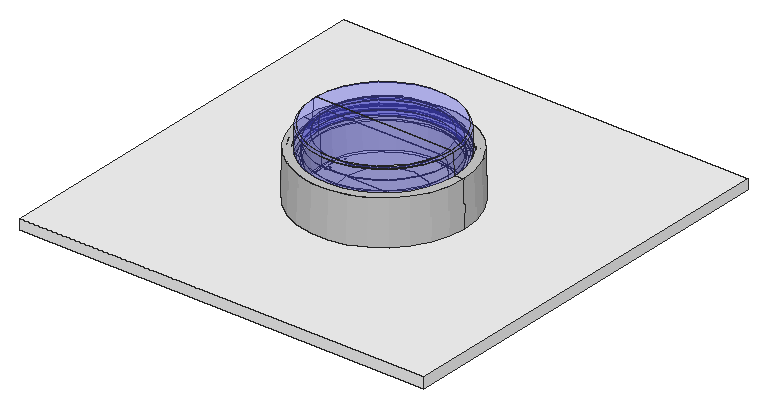
Revit family "BE_33534_de_DE", category Leuchten, Revit 2015
Parameters (values of type "BEGA_33534_Silber_K4")
  built-in parameter 1150104 = 9.203 (stored number, unit not read)
  Wattage = 5.3 W
  Default Elevation = 0 mm
  built-in parameter 1150113 = 1 (stored number, unit not read)
  built-in parameter 1114218 = 1 (stored number, unit not read)
  Umgebungstemperatur = ""
  URL = "http://www.bega.de/produkt/33534"
  Typenkommentare = "© 2015 BEGA. Wir behalten uns das Recht vor, technische Änderungen ohne vorherige Ankündigung vorzunehmen."  # constant formula
  Type Image = 33534.png
  built-in parameter 1150134 = 12
  built-in parameter 1150109 = 1 (stored number, unit not read)
  Strom = ""
  built-in parameter 1150110 = 1 (stored number, unit not read)
  Spannung = 0 V
  Sonderanfertigung = no
  Sockeltyp = ""
  Seriennummer [instance] = "Hier können Sie die eindeutige Seriennummer für das Facility Management eintragen."
  Schutzklasse = "I"
  Schutzart = "IP 65"
  Scheinlast = 0 VA
  Produktdatenblatt = "http://www.bega.de/download/datenblaetter/de/33534.pdf"
  Oberflächentemperatur = ""
  Neigungswinkel = 0.00°
  Modell = "33534AK4"
  Material_11 = BEGA_Glas_opal
  Material_02 = BEGA_Oberfläche_Silber_matt
  Material_01 [instance] = BEGA_Oberfläche_Grafit_matt
  M_W = no
  M_G = no
  M_A = yes
  Logo = 0
  built-in parameter 1114217 = 1 (stored number, unit not read)
  built-in parameter 1150139 = (empty or 0)
  built-in parameter 1150105 = 41.78 (stored number, unit not read)
  built-in parameter 1150114 = 1 (stored number, unit not read)
  Lumens = 525.018 lm
  built-in parameter 1150115 = 1 (stored number, unit not read)
  Leuchtenlichtstrom = "248 lm"
  Leuchtenanzahl = ""
  Lebensdauerkriterien = "L70 = 50.000 h"
  Lastklassifizierung = Beleuchtung
  built-in parameter 1150112 = 1 (stored number, unit not read)
  Lampenlichtstrom = "525 lm"
  Lampe = "LED 5.3 W"
  LED_Modulbezeichnung = "LED-0337/840 "
  built-in parameter 1150142 = (empty or 0)
  Hersteller = "BEGA"  # constant formula
  Halbstreuwinkel = ""
  Gewicht = "1.05 kg"
  Gebrauchslageneinschränkung [instance] = ""
  Frequenz = "0/50-60 Hz"
  Farbwiedergabeindex = "Ra > 80"
  Farbtemperaturverschiebung bei Dämpfen der Lampe = <Keine Auswahl>
  Farbtemperatur = "4000 K"
  Color Filter = 16777215
  built-in parameter 1150133 = 10 (stored number, unit not read)
  Energieeffizienzklasse = "LED A++ - A"
  built-in parameter 1150137 = (empty or 0)
  built-in parameter 1150132 = (empty or 0)
  ENEC = ""
  Dimmbar [instance] = ""
  Datei für fotometrisches Netz = "BE_33534K4.IES"
  CE_Konformität = "ja"
  Bestellnummer = "33534AK4"
  Beschreibung_Sonderanfertigung = "Hier können Sie Informationen zur Sonderanfertigung eintragen."
  Beschreibung = "Decken- und Wandleuchte"
  built-in parameter 1150106 = 0.4178 (stored number, unit not read)
  Befestigungsbohrung = "Ø 4,5 mm"
  Befestigungsabstand = "110 mm"
  Ballwurfsicher = ""
  BEGA_Intern_aus = yes
  BEGA_Intern_an = yes
  BEGA_Intern_Konstruktion = yes
  BEGA_Intern = yes
  BEGA_IES = yes
  BEGA_Dummy = no
  Anschlussleistung [instance] = "7.3 W"
  built-in parameter 1150107 = 4000 (stored number, unit not read)
  built-in parameter 1150102 = (empty or 0)
  built-in parameter 1150138 = (empty or 0)
  Aktualisierung = "2016-01-14T04:08:38"
  AC/DC = "AC/DC"
Types (5, lengths in mm): name | built-in parameter 1150104 | built-in parameter 1150134 | Modell | M_G | M_A | built-in parameter 1150105 | Lumens | Leuchtenlichtstrom | Lampenlichtstrom | LED_Modulbezeichnung | built-in parameter 1150142 | Farbtemperatur | Datei für fotometrisches Netz | Bestellnummer | built-in parameter 1150106 | built-in parameter 1150107
  (no name) | 9.203 (stored number, unit not read) | 12 | "33534AK4" | no | yes | 41.78 (stored number, unit not read) | 525.018 lm | "248 lm" | "525 lm" | "LED-0337/840 " | (empty or 0) | "4000 K" | "BE_33534K4.IES" | "33534AK4" | 0.4178 (stored number, unit not read) | 4000 (stored number, unit not read)
  BEGA_33534_K4 | 9.203 (stored number, unit not read) | 12 | "33534K4" | yes | no | 41.78 (stored number, unit not read) | 525.018 lm | "248 lm" | "525 lm" | "LED-0337/840 " | (empty or 0) | "4000 K" | "BE_33534K4.IES" | "33534K4" | 0.4178 (stored number, unit not read) | 4000 (stored number, unit not read)
  BEGA_33534_Silber_K4 | 9.203 (stored number, unit not read) | 12 | "33534AK4" | no | yes | 41.78 (stored number, unit not read) | 525.018 lm | "248 lm" | "525 lm" | "LED-0337/840 " | (empty or 0) | "4000 K" | "BE_33534K4.IES" | "33534AK4" | 0.4178 (stored number, unit not read) | 4000 (stored number, unit not read)
  BEGA_33534_Silber_K3 | 9.0274 (stored number, unit not read) | (empty or 0) | "33534A" | no | yes | 40.982 (stored number, unit not read) | 515.001 lm | "244 lm" | "515 lm" | "LED-0337/830 " | (empty or 0) | "3000 K" | "BE_33534.IES" | "33534A" | 0.40982 (stored number, unit not read) | 3000 (stored number, unit not read)
  BEGA_33534_K3 | 9.0274 (stored number, unit not read) | (empty or 0) | "33534" | yes | no | 40.982 (stored number, unit not read) | 515.001 lm | "244 lm" | "515 lm" | "LED-0337/830 " | "IESNA:LM-63-1995\r\n[TEST] \r\n[MANUFAC] BEGA\r\n[MORE] Converted by LUMCat V \r\n[MORE] 09.09.2013 / H.R.\r\n[LUMCAT] \r\n[LUMINAIRE] 33533\r\n[LAMPCAT] LED  2,3W\r\n[LAMPCAT] LED  2,3W      97 lm,    4 W\r\n[LAMP] LED  2,3W\r\nTILT=NONE\r\n1      97 1.0 73 1 1 2 -0.085 0.000 0.020\r\n1.0 1.0 4\r\n   0.0   2.5   5.0   7.5  10.0  12.5  15.0  17.5  20.0  22.5  25.0  27.5  30.0\r\n  32.5  35.0  37.5  40.0  42.5  45.0  47.5  50.0  52.5  55.0  57.5  60.0  62.5\r\n  65.0  67.5  70.0  72.5  75.0  77.5  80.0  82.5  85.0  87.5  90.0  92.5  95.0\r\n  97.5 100.0 102.5 105.0 107.5 110.0 112.5 115.0 117.5 120.0 122.5 125.0 127.5\r\n 130.0 132.5 135.0 137.5 140.0 142.5 145.0 147.5 150.0 152.5 155.0 157.5 160.0\r\n 162.5 165.0 167.5 170.0 172.5 175.0 177.5 180.0\r\n   0.0\r\n      22.5      22.5      22.4      22.4      22.4      22.3      22.2      22.0\r\n      21.9      21.7      21.4      21.1      20.8      20.4      20.0      19.6\r\n      19.1      18.6      18.1      17.6      17.0      16.3      15.6      14.9\r\n      14.2      13.4      12.5      11.7      10.8       9.9       8.9       8.0\r\n       7.0       6.0       5.0       4.0       3.4       3.0       2.8       2.6\r\n       2.3       2.1       2.1       2.2       2.3       2.5       2.5       2.5\r\n       2.4       2.3       2.1       1.9       1.7       1.5       1.2       1.0\r\n       0.7       0.5       0.3       0.2       0.0       0.0       0.0       0.0\r\n       0.0       0.0       0.0       0.0       0.0       0.0       0.0       0.0\r\n       0.0\r\n" | "3000 K" | "BE_33533.IES" | "33534" | 0.40982 (stored number, unit not read) | 3000 (stored number, unit not read)
Reference planes
  plane 1 "Mitte (Vorne/Hinten)": y = 0
  plane 2: z = 0
  plane 3 "Mitte (Links/Rechts)": x = 0
  plane 4 "Links": x = -80
  plane 5 "Rechts": x = 80
  plane 6 "Unten": y = -80
  plane 7 "Oben": y = 80
  plane 8 "Vorne": z = 66.4
Forms (mm)
  Extrusion 1, solid, material "BEGA_Platte_Weiss"
    sketch origin (0, -1119.2, 0) x (1, 0, 0) y (0, 1, 0)
      loop
        line (-200, 1319.2) -> (-200, 919.2) -> (200, 919.2) -> (200, 1319.2) -> (-200, 1319.2)
    from 0 to -10
  Extrusion 2, solid, material "BEGA_Dummy_matt", visible <- "BEGA_Dummy"
    sketch origin (77.149, -76.023, 0) x (1, 0, 0) y (0, 1, 0)
      loop
        circle (-77.149, 76.023) r 80
    from 0 to 66.4
Dimensions and locks
  plane 1 "Mitte (Vorne/Hinten)" to Extrusion 1 = 200 mm
  aligned and locked: plane 2 to Extrusion 1
  aligned and locked: level to Extrusion 1
Nested families
  nested 1: "BE_33534" at (0, 0, 0), type "BE_33534"
Connectors
  electrical at (0, 0, 0), driven by "Lastklassifizierung", driven by "Spannung", driven by "Scheinlast"
    settings: index 1, voltage 0 V, apparent load 0 VA, apparent load phase1 0 VA, apparent load phase2 0 VA, apparent load phase3 0 VA, power factor 1, load classification "Beleuchtung", number of poles 1, system type 31, power factor state 1, is connector primary yes, connector utility no, sub classification motor no, connector description ""
Definition of nested family "BE_33534"
  Parameters (values of type "BE_33534")
    Default Elevation = 1 mm
    URL = "http://www.bega.de/de/produkt"
    Type Comments = "© 2015 BEGA. Wir behalten uns das Recht vor, technische Änderungen ohne vorherige Ankündigung vorzunehmen. "  # constant formula
    Type Image = (empty or 0)
    Material_17 = none
    Material_15 = none
    Material_11 = none
    Material_09 = none
    Material_06 = none
    Material_02 = none
    Material_01 = none
    M_W = yes
    M_G = yes
    M_A = yes
    Länge_Platte = 200 mm  # constant formula
    Höhe_Platte = -10 mm  # constant formula
    Manufacturer = "BEGA"  # constant formula
    Breite_Platte = 200 mm  # constant formula
  Reference planes
    plane 1 "Mitte (Oben/Unten)": y = 0
    plane 2: z = 0
    plane 3 "Mitte (Links/Rechts)": x = 0
    plane 4 "Vorne": z = 66.4
    plane 5 "Links": x = -80
    plane 6 "Rechts": x = 80
    plane 7 "Oben": y = 80
    plane 8 "Unten": y = -80
  Forms (mm)
    Extrusion 1, solid, detail levels medium
      sketch origin (0, 0, 0) x (1, 0, 0) y (0, 1, 0)
        loop
          line (-100, 100) -> (-100, -100) -> (100, -100) -> (100, 100) -> (-100, 100)
      from 0 to -10 <- "Höhe_Platte"
    Revolve 2, solid, material <- "Material_01", visible <- "M_G", detail levels medium+fine
      sketch origin (0, 0, 0) x (1, 0, 0) y (0, 0, 1)
        loop
          line (-70.8, 45) -> (-78.85, 45) -> (-79.987, 1.5) -> (-76.514, 1.5) -> (-76.028, 29.339) -> (-75.8, 43) -> (-72.483, 43) -> (-70.837, 43.951) -> (-70.8, 45)
        axis (0, 1.5) -> (0, 45)
      angle from 0 to 360
    Revolve 3, solid, material <- "Material_11", detail levels medium+fine
      sketch origin (0, 0, 0) x (1, 0, 0) y (0, 0, 1)
        loop
          line (-64, 37.4) -> (-64, 42.4) -> (-63.51, 51.749)
          arc (-63.51, 51.749) -> (-61.346, 56.47) -> (-56.524, 58.4) r 7
          line (-56.524, 58.4) -> (0, 58.4) -> (0, 66.4) -> (-67.362, 66.4) -> (-69.227, 64.535) -> (-69.966, 43.364)
          arc (-69.966, 43.364) -> (-70.271, 42.68) -> (-70.966, 42.4) r 1
          line (-70.966, 42.4) -> (-74.75, 42.4) -> (-74.75, 37.4) -> (-64, 37.4)
        axis (0, 66.4) -> (0, 37.4)
      angle from 0 to 360
    Revolve 4, solid, material <- "Material_01", visible <- "M_G", detail levels medium+fine
      sketch origin (0, 0, 0) x (1, 0, 0) y (0, 0, 1)
        loop
          line (-61.403, 4.7) -> (-43, 4.7) -> (0, 4.7) -> (0, 7.4) -> (-36.85, 7.4) -> (-61.526, 7.4)
          arc (-61.526, 7.4) -> (-62.224, 7.684) -> (-62.526, 8.374) r 1
          line (-62.526, 8.374) -> (-63.197, 34) -> (-65.5, 34) -> (-65.57, 36) -> (-67.622, 36) -> (-67.691, 32) -> (-70.26, 32) -> (-70.4, 36) -> (-75.284, 36)
          arc (-75.284, 36) -> (-75.4, 32.889) -> (-75.282, 29.778) r 41.36
          line (-75.282, 29.778) -> (-65.994, 29.778) -> (-65.214, 0) -> (-62.5, 0) -> (-62.402, 3.726)
          arc (-62.402, 3.726) -> (-62.101, 4.416) -> (-61.403, 4.7) r 1
        axis (0, 36) -> (0, 0)
      angle from 0 to 360
    Extrusion 5, void
      sketch origin (0, 0, 0) x (1, 0, 0) y (0, 1, 0)
        loop
          circle (55, 0) r 2.25
        loop
          circle (-55, 0) r 2.25
        loop
          circle (-12.094, -39.34) r 7.5
        loop
          circle (12.094, -39.34) r 7.5
      from 0 to 9.6
    Revolve 6, solid, material <- "Material_02", visible <- "M_A", detail levels medium+fine
      sketch origin (0, 0, 0) x (1, 0, 0) y (0, 0, 1)
        loop
          line (-70.8, 45) -> (-78.85, 45) -> (-79.987, 1.5) -> (-76.514, 1.5) -> (-76.028, 29.339) -> (-75.8, 43) -> (-72.483, 43) -> (-70.837, 43.951) -> (-70.8, 45)
        axis (0, 1.5) -> (0, 45)
      angle from 0 to 360
    Revolve 7, solid, material <- "Material_02", visible <- "M_A", detail levels medium+fine
      sketch origin (0, 0, 0) x (1, 0, 0) y (0, 0, 1)
        loop
          line (-61.403, 4.7) -> (-43, 4.7) -> (0, 4.7) -> (0, 7.4) -> (-36.85, 7.4) -> (-61.526, 7.4)
          arc (-61.526, 7.4) -> (-62.224, 7.684) -> (-62.526, 8.374) r 1
          line (-62.526, 8.374) -> (-63.197, 34) -> (-65.5, 34) -> (-65.57, 36) -> (-67.622, 36) -> (-67.691, 32) -> (-70.26, 32) -> (-70.4, 36) -> (-75.284, 36)
          arc (-75.284, 36) -> (-75.4, 32.889) -> (-75.282, 29.778) r 41.36
          line (-75.282, 29.778) -> (-65.994, 29.778) -> (-65.214, 0) -> (-62.5, 0) -> (-62.402, 3.726)
          arc (-62.402, 3.726) -> (-62.101, 4.416) -> (-61.403, 4.7) r 1
        axis (0, 36) -> (0, 0)
      angle from 0 to 360
    Extrusion 8, void
      sketch origin (0, 0, 0) x (1, 0, 0) y (0, 1, 0)
        loop
          circle (55, 0) r 2.25
        loop
          circle (-55, 0) r 2.25
        loop
          circle (-12.094, -39.34) r 7.5
        loop
          circle (12.094, -39.34) r 7.5
      from 0 to 9.6
  Cuts and joins
    Extrusion 5 cuts Revolve 3
    Extrusion 5 cuts Revolve 4
    Extrusion 8 cuts Revolve 7
  Dimensions and locks
    equal spacing: Extrusion 1 sketch curve, plane 3 "Mitte (Links/Rechts)", Extrusion 1 sketch curve
    equal spacing: Extrusion 1 sketch curve, plane 1 "Mitte (Oben/Unten)", Extrusion 1 sketch curve
    "Länge_Platte": Extrusion 1 sketch curve to Extrusion 1 sketch curve
    "Breite_Platte": Extrusion 1 sketch curve to Extrusion 1 sketch curve
    aligned and locked: plane 2 to Extrusion 1
    aligned and locked: level to Extrusion 1
  Automatic sketch dimensions
    Revolve 2 sketch curve to plane 3 "Mitte (Links/Rechts)" = 0 mm
    Revolve 2 sketch curve to plane 3 "Mitte (Links/Rechts)" = 70.8 mm
    Revolve 2 sketch curve to Revolve 2 sketch curve = 0.037 mm
    Revolve 2 sketch curve to Revolve 2 sketch curve = 1.647 mm
    Revolve 2 sketch curve to Revolve 2 sketch curve = 3.317 mm
    level to Revolve 2 sketch curve = 29.339 mm
    Revolve 2 sketch curve to Revolve 2 sketch curve = 0.228 mm
    level to Revolve 2 sketch curve = 1.5 mm
    Revolve 2 sketch curve to Revolve 2 sketch curve = 0.486 mm
    Revolve 2 sketch curve to Revolve 2 sketch curve = 3.05 mm
    Revolve 2 sketch curve to Revolve 2 sketch curve = 3.473 mm
    Revolve 2 sketch curve to Revolve 2 sketch curve = 13.661 mm
    Revolve 2 sketch curve to Revolve 2 sketch curve = 0.951 mm
    Revolve 2 sketch curve to Revolve 2 sketch curve = 1.049 mm
    Revolve 2 sketch curve to level = 3.5 mm
    level to Revolve 2 sketch curve = 49.13 mm
    Revolve 3 sketch curve to plane 3 "Mitte (Links/Rechts)" = 0 mm  (x2)
    Revolve 3 sketch curve to plane 3 "Mitte (Links/Rechts)" = 56.519 mm
    Revolve 3 sketch curve to Revolve 3 sketch curve = 0.005 mm
    level to Revolve 3 sketch curve = 51.749 mm
    Revolve 3 sketch curve to Revolve 3 sketch curve = 6.991 mm
    Revolve 3 sketch curve to Revolve 3 sketch curve = 0.49 mm
    Revolve 3 sketch curve to Revolve 3 sketch curve = 10.838 mm
    Revolve 3 sketch curve to Revolve 3 sketch curve = 1.865 mm
    Revolve 3 sketch curve to Revolve 3 sketch curve = 5.966 mm
    Revolve 3 sketch curve to Revolve 3 sketch curve = 0.999 mm
    Revolve 3 sketch curve to Revolve 3 sketch curve = 3.784 mm
    Revolve 3 sketch curve to Revolve 3 sketch curve = 0.349 mm
    Revolve 3 sketch curve to Revolve 3 sketch curve = 8.349 mm
    Revolve 3 sketch curve to Revolve 3 sketch curve = 0.036 mm
    Revolve 3 sketch curve to Revolve 3 sketch curve = 0.964 mm
    Revolve 3 sketch curve to Revolve 3 sketch curve = 5 mm
    Revolve 3 sketch curve to Revolve 3 sketch curve = 12.786 mm
    Revolve 3 sketch curve to Revolve 3 sketch curve = 8 mm
    Revolve 3 sketch curve to Revolve 3 sketch curve = 10.037 mm
    Revolve 3 sketch curve to Revolve 3 sketch curve = 0 mm
    Revolve 4 sketch curve to level = 0 mm
    Revolve 4 sketch curve to plane 3 "Mitte (Links/Rechts)" = 0 mm  (x2)
    Revolve 4 sketch curve to plane 3 "Mitte (Links/Rechts)" = 34.04 mm
    level to Revolve 4 sketch curve = 7.4 mm
    Revolve 4 sketch curve to Revolve 4 sketch curve = 2.81 mm
    Revolve 4 sketch curve to Revolve 4 sketch curve = 6.15 mm
    level to Revolve 4 sketch curve = 4.7 mm
    Revolve 4 sketch curve to Revolve 4 sketch curve = 18.403 mm
    Revolve 4 sketch curve to Revolve 4 sketch curve = 0.123 mm
    Revolve 4 sketch curve to Revolve 4 sketch curve = 1.097 mm
    Revolve 4 sketch curve to Revolve 4 sketch curve = 1.671 mm
    Revolve 4 sketch curve to Revolve 4 sketch curve = 2.714 mm
    Revolve 4 sketch curve to Revolve 4 sketch curve = 2.303 mm
    Revolve 4 sketch curve to Revolve 4 sketch curve = 0.07 mm
    level to Revolve 4 sketch curve = 29.778 mm
    Revolve 4 sketch curve to Revolve 4 sketch curve = 0.494 mm
    Revolve 4 sketch curve to Revolve 4 sketch curve = 2.052 mm
    Revolve 4 sketch curve to Revolve 4 sketch curve = 1.697 mm
    Revolve 4 sketch curve to Revolve 4 sketch curve = 2.569 mm
    Revolve 4 sketch curve to Revolve 4 sketch curve = 2.778 mm
    Revolve 4 sketch curve to Revolve 4 sketch curve = 5.021 mm
    Revolve 4 sketch curve to Revolve 4 sketch curve = 4.884 mm
    Revolve 4 sketch curve to Revolve 4 sketch curve = 1 mm  (x4)
    Revolve 4 sketch curve to Revolve 4 sketch curve = 0 mm  (x4)
    Revolve 4 sketch curve to Revolve 4 sketch curve = 2.222 mm
    Revolve 4 sketch curve to Revolve 4 sketch curve = 25.507 mm
    Revolve 4 sketch curve to Revolve 4 sketch curve = 2 mm
    level to Revolve 4 sketch curve = 3.726 mm
    level to Revolve 4 sketch curve = 8.374 mm
    Revolve 4 sketch curve to level = 6.779 mm
    Revolve 4 sketch curve to Revolve 4 sketch curve = 22.376 mm
    plane 1 "Mitte (Oben/Unten)" to Extrusion 5 sketch curve = 0 mm  (x2)
    Extrusion 5 sketch curve to plane 3 "Mitte (Links/Rechts)" = 55 mm
    Extrusion 5 sketch curve to plane 3 "Mitte (Links/Rechts)" = 12.094 mm
    plane 3 "Mitte (Links/Rechts)" to Extrusion 5 sketch curve = 12.094 mm
    plane 3 "Mitte (Links/Rechts)" to Extrusion 5 sketch curve = 55 mm
    plane 1 "Mitte (Oben/Unten)" to Extrusion 5 sketch curve = 39.34 mm
    Extrusion 5 sketch curve to Extrusion 5 sketch curve = 0 mm
    Revolve 6 sketch curve to plane 3 "Mitte (Links/Rechts)" = 0 mm
    Revolve 6 sketch curve to plane 3 "Mitte (Links/Rechts)" = 70.8 mm
    Revolve 6 sketch curve to Revolve 6 sketch curve = 0.037 mm
    Revolve 6 sketch curve to Revolve 6 sketch curve = 1.647 mm
    Revolve 6 sketch curve to Revolve 6 sketch curve = 3.317 mm
    level to Revolve 6 sketch curve = 29.339 mm
    Revolve 6 sketch curve to Revolve 6 sketch curve = 0.228 mm
    level to Revolve 6 sketch curve = 1.5 mm
    Revolve 6 sketch curve to Revolve 6 sketch curve = 0.486 mm
    Revolve 6 sketch curve to Revolve 6 sketch curve = 3.05 mm
    Revolve 6 sketch curve to Revolve 6 sketch curve = 3.473 mm
    Revolve 6 sketch curve to Revolve 6 sketch curve = 13.661 mm
    Revolve 6 sketch curve to Revolve 6 sketch curve = 0.951 mm
    Revolve 6 sketch curve to Revolve 6 sketch curve = 1.049 mm
    Revolve 6 sketch curve to level = 3.5 mm
    level to Revolve 6 sketch curve = 49.13 mm
    Revolve 7 sketch curve to level = 0 mm
    Revolve 7 sketch curve to plane 3 "Mitte (Links/Rechts)" = 0 mm  (x2)
    Revolve 7 sketch curve to plane 3 "Mitte (Links/Rechts)" = 34.04 mm
    level to Revolve 7 sketch curve = 7.4 mm
    Revolve 7 sketch curve to Revolve 7 sketch curve = 2.81 mm
    Revolve 7 sketch curve to Revolve 7 sketch curve = 6.15 mm
    level to Revolve 7 sketch curve = 4.7 mm
    Revolve 7 sketch curve to Revolve 7 sketch curve = 18.403 mm
    Revolve 7 sketch curve to Revolve 7 sketch curve = 0.123 mm
    Revolve 7 sketch curve to Revolve 7 sketch curve = 1.097 mm
    Revolve 7 sketch curve to Revolve 7 sketch curve = 1.671 mm
    Revolve 7 sketch curve to Revolve 7 sketch curve = 2.714 mm
    Revolve 7 sketch curve to Revolve 7 sketch curve = 2.303 mm
    Revolve 7 sketch curve to Revolve 7 sketch curve = 0.07 mm
    level to Revolve 7 sketch curve = 29.778 mm
    Revolve 7 sketch curve to Revolve 7 sketch curve = 0.494 mm
    Revolve 7 sketch curve to Revolve 7 sketch curve = 2.052 mm
    Revolve 7 sketch curve to Revolve 7 sketch curve = 1.697 mm
    Revolve 7 sketch curve to Revolve 7 sketch curve = 2.569 mm
    Revolve 7 sketch curve to Revolve 7 sketch curve = 2.778 mm
    Revolve 7 sketch curve to Revolve 7 sketch curve = 5.021 mm
    Revolve 7 sketch curve to Revolve 7 sketch curve = 4.884 mm
    Revolve 7 sketch curve to Revolve 7 sketch curve = 1 mm  (x4)
    Revolve 7 sketch curve to Revolve 7 sketch curve = 0 mm  (x4)
    Revolve 7 sketch curve to Revolve 7 sketch curve = 2.222 mm
    Revolve 7 sketch curve to Revolve 7 sketch curve = 25.507 mm
    Revolve 7 sketch curve to Revolve 7 sketch curve = 2 mm
    level to Revolve 7 sketch curve = 3.726 mm
    level to Revolve 7 sketch curve = 8.374 mm
    Revolve 7 sketch curve to level = 6.779 mm
    Revolve 7 sketch curve to Revolve 7 sketch curve = 22.376 mm
    plane 1 "Mitte (Oben/Unten)" to Extrusion 8 sketch curve = 0 mm  (x2)
    Extrusion 8 sketch curve to plane 3 "Mitte (Links/Rechts)" = 55 mm
    Extrusion 8 sketch curve to plane 3 "Mitte (Links/Rechts)" = 12.094 mm
    plane 3 "Mitte (Links/Rechts)" to Extrusion 8 sketch curve = 12.094 mm
    plane 3 "Mitte (Links/Rechts)" to Extrusion 8 sketch curve = 55 mm
    plane 1 "Mitte (Oben/Unten)" to Extrusion 8 sketch curve = 39.34 mm
    Extrusion 8 sketch curve to Extrusion 8 sketch curve = 0 mm
    radius of Extrusion 5 sketch curve = 2.25 mm  (x2)
    radius of Extrusion 5 sketch curve = 7.5 mm  (x2)
    radius of Extrusion 8 sketch curve = 2.25 mm  (x2)
    radius of Extrusion 8 sketch curve = 7.5 mm  (x2)
